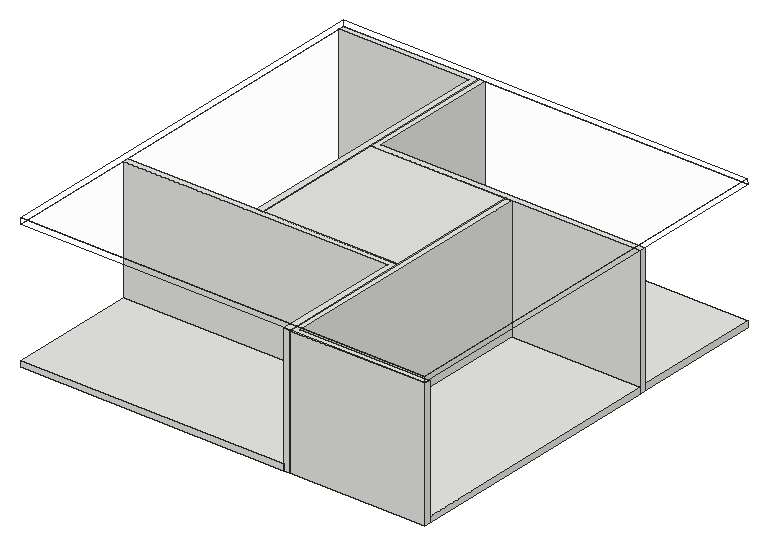
Revit family "Table-Coffee-Teknion-STLP_Masalla-R2013", category Furniture, Revit 2013
Parameters (values of type "4 Box Square, Spin")
  Width = 33.46457"
  Warranty = "http://www.teknionstudio.com/pdfs/Teknion%20Studio%20Warranty.pdf"
  Unit Weight = 0.00 lbf
  URL = "www.teknionstudio.com"
  Table Top Finish [instance] = Glass - Teknion - A5 - Standard - Clear
  Surface D Finish [instance] = Paint - Teknion - True White
  Surface C Finish [instance] = Paint - Teknion - True White
  Surface B Finish [instance] = Paint - Teknion - True White
  Surface A Finish [instance] = Paint - Teknion - True White
  Series = "Studio"
  Product Line = "Masalla"
  Product Documentation Link = "http://www.teknionstudio.com/pricing/STLP_ppg.pdf"
  Part Number = "STLP"
  Model = "STLP"
  Manufacturer Phone = "919-464-2920"
  Manufacturer Fax = "919-464-2927"
  Manufacturer Email = "customersupport@teknionstudio.com"
  Manufacturer Address = "3941 US 70 Business HWY West, Clayton, NC 27520"
  Manufacturer = "Teknion Studio"
  Low Emitting Material = yes
  Low Emitting Finish = yes
  Height = 12.59843"
  Description = "Masalla Table, 4 Box Square - Spin"
  Depth = 33.46457"
  Assembly Code = "E2020200"
Reference planes (in)
  plane 1 "Center F/B": y = 0
  plane 2: z = 0
  plane 3 "Center L/R": x = 0
  plane 4 "Left": x = -16.73228
  plane 5 "Right": x = 16.73228
  plane 6 "Back": y = 16.73228
  plane 7 "Front": y = -16.73228
  plane 8 "Top": z = 12.59843
  plane 9: z = 1.5748
  plane 10: z = 12.12598
Forms (in)
  Sweep 1, solid, material "Paint - Teknion - Smoke"
    path origin (0, 0, 0) x (1, 0, 0) y (0, 0, 1)
      loop
        line (0, 0) -> (0, 1.5748)
    profile origin (0, 0, 0.7874) x (-1, 0, 0) y (0, -1, 0)
      loop
        line (14.37028, -14.37008) -> (14.37028, 14.37008) -> (-14.37028, 14.37008) -> (-14.37028, -14.37008) -> (14.37028, -14.37008)
      loop
        line (-13.89784, -13.89764) -> (13.89784, -13.89764) -> (13.89784, 13.89764) -> (-13.89784, 13.89764) -> (-13.89784, -13.89764)
  Sweep 2, solid, material "Paint - Teknion - Smoke"
    path origin (0, 0, 0) x (1, 0, 0) y (0, 0, 1)
      loop
        line (0, 1.5748) -> (0, 1.10236)
    profile origin (0, 0, 1.33858) x (0, -1, 0) y (1, 0, 0)
      loop
        line (-13.89764, -13.89728) -> (13.89764, -13.89728) -> (13.89764, 13.89728) -> (-13.89764, 13.89728) -> (-13.89764, -13.89728)
  Sweep 3, solid, material "Glass - Teknion - A5 - Standard - Clear" <- "Table Top Finish"
    path origin (0, 0, 0) x (1, 0, 0) y (0, 0, 1)
      loop
        line (0, 12.59843) -> (0, 12.12598)
    profile origin (0, 0, 12.3622) x (0, -1, 0) y (1, 0, 0)
      loop
        line (-16.73228, -16.73228) -> (16.73228, -16.73228) -> (16.73228, 16.73228) -> (-16.73228, 16.73228) -> (-16.73228, -16.73228)
  Sweep 4, solid, material "Paint - Teknion - True White" <- "Surface A Finish"
    path origin (0, 0, 0) x (1, 0, 0) y (0, 0, 1)
      loop
        line (0, 12.12598) -> (0, 1.5748)
    profile origin (0, 0, 6.85039) x (0, -1, 0) y (1, 0, 0)
      loop
        line (-16.73228, -16.73228) -> (-16.25984, -16.73228) -> (-16.25984, -6.04987) -> (5.57743, -6.04987) -> (5.57743, -5.57743) -> (-16.73228, -5.57743) -> (-16.73228, -16.73228)
  Sweep 5, solid, material "Paint - Teknion - True White" <- "Surface A Finish"
    path origin (0, 0, 0) x (-1, 0, 0) y (0, 0, 1)
      loop
        line (0, 1.5748) -> (0, 2.04724)
    profile origin (0, 0, 1.81102) x (-1, 0, 0) y (0, -1, 0)
      loop
        line (6.04987, -16.25984) -> (16.73228, -16.25984) -> (16.73228, 5.57743) -> (6.04987, 5.57743) -> (6.04987, -16.25984)
  Sweep 6, solid, material "Paint - Teknion - True White" <- "Surface B Finish"
    path origin (0, 0, 0) x (1, 0, 0) y (0, 0, -1)
      loop
        line (0, -1.5748) -> (0, -2.04724)
    profile origin (0, 0, 1.81102) x (1, 0, 0) y (0, 1, 0)
      loop
        line (-16.73228, -16.73228) -> (5.10499, -16.73228) -> (5.10499, -6.04987) -> (-16.73228, -6.04987) -> (-16.73228, -16.73228)
  Sweep 7, solid, material "Paint - Teknion - True White" <- "Surface B Finish"
    path origin (0, 0, 0) x (1, 0, 0) y (0, 0, 1)
      loop
        line (0, 12.12598) -> (0, 1.5748)
    profile origin (0, 0, 6.85039) x (0, -1, 0) y (1, 0, 0)
      loop
        line (16.73228, 5.57743) -> (5.57743, 5.57743) -> (5.57743, -16.73228) -> (6.04987, -16.73228) -> (6.04987, 5.10499) -> (16.73228, 5.10499) -> (16.73228, 5.57743)
  Sweep 8, solid, material "Paint - Teknion - True White" <- "Surface D Finish"
    path origin (0, 0, 0) x (1, 0, 0) y (0, 0, 1)
      loop
        line (0, 12.12598) -> (0, 1.5748)
    profile origin (0, 0, 6.85039) x (0, -1, 0) y (1, 0, 0)
      loop
        line (-6.04987, -5.10499) -> (-16.73228, -5.10499) -> (-16.73228, -5.57743) -> (-5.57743, -5.57743) -> (-5.57743, 16.73228) -> (-6.04987, 16.73228) -> (-6.04987, -5.10499)
  Sweep 9, solid, material "Paint - Teknion - True White" <- "Surface D Finish"
    path origin (0, 0, 0) x (1, 0, 0) y (0, 0, 1)
      loop
        line (0, 2.0468) -> (0, 1.5748)
    profile origin (0, 0, 1.8108) x (0, -1, 0) y (1, 0, 0)
      loop
        line (-16.73228, -5.10499) -> (-6.04987, -5.10499) -> (-6.04987, 16.73228) -> (-16.73228, 16.73228) -> (-16.73228, -5.10499)
  Sweep 10, solid, material "Paint - Teknion - True White" <- "Surface C Finish"
    path origin (0, 0, 0) x (1, 0, 0) y (0, 0, 1)
      loop
        line (0, 12.12598) -> (0, 1.5748)
    profile origin (0, 0, 6.85039) x (0, -1, 0) y (1, 0, 0)
      loop
        line (16.25984, 6.04987) -> (-5.57743, 6.04987) -> (-5.57743, 5.57743) -> (16.73228, 5.57743) -> (16.73228, 16.73228) -> (16.25984, 16.73228) -> (16.25984, 6.04987)
  Sweep 11, solid, material "Paint - Teknion - True White" <- "Surface C Finish"
    path origin (0, 0, 0) x (1, 0, 0) y (0, 0, 1)
      loop
        line (0, 2.04724) -> (0, 1.5748)
    profile origin (0, 0, 1.81102) x (0, -1, 0) y (1, 0, 0)
      loop
        line (16.25984, 16.73228) -> (-5.57743, 16.73228) -> (-5.57743, 6.04987) -> (16.25984, 6.04987) -> (16.25984, 16.73228)
  Sweep 12, solid, material "Paint - Teknion - True White" <- "Surface A Finish"
    path origin (0, 0, 0) x (1, 0, 0) y (0, 0, 1)
      loop
        line (0, 12.12598) -> (0, 11.62598)
    profile origin (0, 0, 11.87598) x (0, -1, 0) y (1, 0, 0)
      loop
        line (-5.57743, 5.57743) -> (-5.57743, -5.57743) -> (5.57743, -5.57743) -> (5.57743, 5.57743) -> (-5.57743, 5.57743)
Lines and regions (in)
  Masking region 1
    outline origin (0, 0, 12.59843) x (-1, 0, 0) y (0, -1, 0)
      loop
        line (16.73228, -16.73228) -> (16.73228, 16.73228) -> (-16.73228, 16.73228) -> (-16.73228, -16.73228) -> (16.73228, -16.73228)
  symbolic lines, style "Hidden Lines", detail levels medium+fine
    curve 1: line (-5.57743, 16.73228, 0) -> (-5.57743, -5.57743, 0)
    curve 2: line (-16.73228, -5.57743, 0) -> (5.57743, -5.57743, 0)
    curve 3: line (5.57743, -16.73228, 0) -> (5.57743, 5.57743, 0)
    curve 4: line (16.73228, 5.57743, 0) -> (-5.57743, 5.57743, 0)
  symbolic lines, style "Hidden Lines", detail levels fine
    curve 5: line (-16.73228, 16.25984, 0) -> (-5.57743, 16.25984, 0)
    curve 6: line (-6.04987, 16.25984, 0) -> (-6.04987, -5.57743, 0)
    curve 7: line (5.10499, -16.73228, 0) -> (5.10499, -5.57743, 0)
    curve 8: line (-16.73228, -6.04987, 0) -> (5.10499, -6.04987, 0)
    curve 9: line (16.73228, -16.25984, 0) -> (5.57743, -16.25984, 0)
    curve 10: line (6.04987, 5.57743, 0) -> (6.04987, -16.25984, 0)
    curve 11: line (-5.10499, 16.73228, 0) -> (-5.10499, 5.57743, 0)
    curve 12: line (16.73228, 6.04987, 0) -> (-5.10499, 6.04987, 0)
Dimensions and locks (in)
  "Height": plane 8 "Top" to level
  equal spacing: plane 4 "Left", plane 3 "Center L/R", plane 5 "Right"
  equal spacing: plane 6 "Back", plane 1 "Center F/B", plane 7 "Front"
  "Width": plane 4 "Left" to plane 5 "Right"
  "Depth": plane 6 "Back" to plane 7 "Front"
  locked: plane 8 "Top" to Sweep 3 sketch curve at 0.47244
  locked: plane 8 "Top" to plane 10 at 0.47244
  locked: plane 9 to plane 2 at 1.5748
  locked: plane 9 to Sweep 2 sketch curve at 0.47244
  locked: Sweep 5 sketch curve to plane 9 at 0.47244
  locked: Sweep 6 sketch curve to plane 9 at 0.47244
  locked: Sweep 1 sketch curve to Sweep 1 sketch curve at 0.47244  (x2)
  locked: plane 4 "Left" to Sweep 1 sketch curve at 2.362
  locked: Sweep 1 sketch curve to plane 5 "Right" at 2.362
  plane 6 "Back" to Sweep 1 sketch curve to Sweep 1 sketch curve = 2.3622" locked, 0.47244" locked
  plane 7 "Front" to Sweep 1 sketch curve to Sweep 1 sketch curve = 2.3622" locked, 0.47244" locked
  locked: plane 6 "Back" to Sweep 2 sketch curve at 2.83465
  locked: Sweep 2 sketch curve to plane 7 "Front" at 2.83465
  locked: Sweep 2 sketch curve to plane 5 "Right" at 2.835
  locked: plane 4 "Left" to Sweep 2 sketch curve at 2.835
  locked: Sweep 9 sketch curve to plane 9 at 0.472
  locked: Sweep 11 sketch curve to plane 9 at 0.47244
  locked: Sweep 5 sketch curve to plane 1 "Center F/B" at 5.57743
  locked: Sweep 5 sketch curve to plane 3 "Center L/R" at 6.04987
  locked: Sweep 8 sketch curve to Sweep 8 sketch curve at 0.47244  (x2)
  locked: Sweep 8 sketch curve to plane 3 "Center L/R" at 5.57743
  locked: plane 1 "Center F/B" to Sweep 8 sketch curve at 5.57743
  locked: Sweep 9 sketch curve to plane 3 "Center L/R" at 5.10499
  locked: plane 1 "Center F/B" to Sweep 9 sketch curve at 6.04987
  locked: Sweep 10 sketch curve to Sweep 10 sketch curve at 0.47244  (x2)
  locked: plane 3 "Center L/R" to Sweep 10 sketch curve at 5.57743
  locked: plane 3 "Center L/R" to Sweep 11 sketch curve at 6.04987
  locked: plane 1 "Center F/B" to Sweep 11 sketch curve at 5.57743
  locked: Sweep 7 sketch curve to Sweep 7 sketch curve at 0.47244  (x2)
  locked: plane 3 "Center L/R" to Sweep 7 sketch curve at 5.57743
  locked: Sweep 7 sketch curve to plane 1 "Center F/B" at 5.57743
  locked: Sweep 6 sketch curve to plane 1 "Center F/B" at 6.04987
  locked: plane 3 "Center L/R" to Sweep 6 sketch curve at 5.10499
  locked: plane 10 to Sweep 12 sketch curve at 0.5
  Sweep 12 sketch curve to plane 3 "Center L/R" to Sweep 12 sketch curve = 5.57743" locked, 5.57743" locked
  Sweep 12 sketch curve to plane 1 "Center F/B" to Sweep 12 sketch curve = 5.57743" locked, 5.57743" locked
  locked: plane 6 "Back" to Sweep 4 sketch curve at 0.47244
  locked: Sweep 4 sketch curve to plane 3 "Center L/R" at 5.57743
  locked: Sweep 4 sketch curve to plane 1 "Center F/B" at 5.57743
  locked: Sweep 4 sketch curve to Sweep 4 sketch curve at 0.47244
  locked: plane 6 "Back" to Sweep 5 sketch curve at 0.47244
  locked: plane 7 "Front" to Sweep 11 sketch curve at 0.47244
  locked: curve 1 to plane 3 "Center L/R" at 5.57743
  locked: plane 3 "Center L/R" to curve 3 at 5.57743
  locked: curve 2 to plane 1 "Center F/B" at 5.57743
  locked: plane 1 "Center F/B" to curve 4 at 5.57743
  curve 6 to curve 1 to curve 11 = 0.47244" locked, 0.47244" locked
  curve 7 to curve 3 to curve 10 = 0.47244" locked, 0.47244" locked
  locked: curve 8 to curve 2 at 0.47244
  locked: curve 12 to curve 4 at 0.47244
  locked: plane 6 "Back" to curve 5 at 0.47244
  locked: plane 7 "Front" to curve 9 at 0.47244
  aligned and locked: level to plane 2
  aligned and locked: plane 3 "Center L/R" to Sweep 1 sketch curve
  aligned and locked: plane 2 to Sweep 1 sketch curve
  aligned and locked: Sweep 2 sketch curve to plane 3 "Center L/R"
  aligned and locked: Sweep 3 sketch curve to plane 3 "Center L/R"
  aligned and locked: plane 8 "Top" to Sweep 3 sketch curve
  aligned and locked: Sweep 3 sketch curve to plane 6 "Back"
  aligned and locked: plane 9 to Sweep 1 sketch curve
  aligned and locked: plane 9 to Sweep 2 sketch curve
  aligned and locked: plane 10 to Sweep 4 sketch curve
  aligned and locked: Sweep 4 sketch curve to plane 3 "Center L/R"
  aligned and locked: plane 9 to Sweep 4 sketch curve
  aligned and locked: Sweep 4 sketch curve to plane 4 "Left"
  aligned and locked: plane 9 to Sweep 5 sketch curve
  aligned and locked: plane 7 "Front" to Sweep 6 sketch curve
  aligned and locked: plane 9 to Sweep 6 sketch curve
  aligned and locked: Masking region 1 sketch curve to plane 6 "Back"
  aligned and locked: Masking region 1 sketch curve to plane 5 "Right"
  aligned and locked: Masking region 1 sketch curve to plane 7 "Front"
  aligned and locked: plane 4 "Left" to Masking region 1 sketch curve
  aligned and locked: Sweep 7 sketch curve to plane 3 "Center L/R"
  aligned and locked: plane 10 to Sweep 7 sketch curve
  aligned and locked: plane 9 to Sweep 7 sketch curve
  aligned and locked: plane 4 "Left" to Sweep 7 sketch curve
  aligned and locked: Sweep 7 sketch curve to plane 7 "Front"
  aligned and locked: plane 4 "Left" to Sweep 3 sketch curve
  aligned and locked: Sweep 3 sketch curve to plane 5 "Right"
  aligned and locked: Sweep 3 sketch curve to plane 7 "Front"
  aligned and locked: Sweep 5 sketch curve to plane 4 "Left"
  aligned and locked: plane 10 to Sweep 8 sketch curve
  aligned and locked: plane 9 to Sweep 8 sketch curve
  aligned and locked: Sweep 8 sketch curve to plane 3 "Center L/R"
  aligned and locked: plane 6 "Back" to Sweep 8 sketch curve
  aligned and locked: plane 5 "Right" to Sweep 8 sketch curve
  aligned and locked: plane 9 to Sweep 9 sketch curve
  aligned and locked: Sweep 9 sketch curve to plane 3 "Center L/R"
  aligned and locked: Sweep 9 sketch curve to plane 5 "Right"
  aligned and locked: Sweep 6 sketch curve to plane 4 "Left"
  aligned and locked: Sweep 9 sketch curve to plane 6 "Back"
  aligned and locked: plane 10 to Sweep 10 sketch curve
  aligned and locked: plane 9 to Sweep 10 sketch curve
  aligned and locked: Sweep 10 sketch curve to plane 3 "Center L/R"
  aligned and locked: Sweep 10 sketch curve to plane 5 "Right"
  aligned and locked: plane 9 to Sweep 11 sketch curve
  aligned and locked: Sweep 11 sketch curve to plane 3 "Center L/R"
  aligned and locked: Sweep 11 sketch curve to plane 5 "Right"
  aligned and locked: plane 10 to Sweep 12 sketch curve
  aligned and locked: Sweep 12 sketch curve to plane 3 "Center L/R"
  aligned and locked: Sweep 4 sketch curve to plane 6 "Back"
  aligned and locked: plane 7 "Front" to Sweep 10 sketch curve
  aligned and locked: curve 1 to curve 4
  aligned and locked: plane 6 "Back" to curve 1
  aligned and locked: plane 4 "Left" to curve 2
  aligned and locked: plane 7 "Front" to curve 3
  aligned and locked: plane 5 "Right" to curve 4
  aligned and locked: plane 4 "Left" to curve 5
  aligned and locked: curve 5 to curve 6
  aligned and locked: plane 4 "Left" to curve 8
  aligned and locked: curve 7 to curve 8
  aligned and locked: curve 2 to curve 7
  aligned and locked: plane 7 "Front" to curve 7
  aligned and locked: plane 5 "Right" to curve 9
  aligned and locked: curve 3 to curve 9
  aligned and locked: curve 9 to curve 10
  aligned and locked: curve 4 to curve 10
  aligned and locked: plane 5 "Right" to curve 12
  aligned and locked: curve 11 to curve 12
  aligned and locked: plane 6 "Back" to curve 11
Automatic sketch dimensions
  Sweep 5 sketch curve to plane 3 "Center L/R" = 0.000"
  Sweep 6 sketch curve to plane 3 "Center L/R" = 0.000"
  Sweep 10 sketch curve to plane 1 "Center F/B" = 5.57743"
